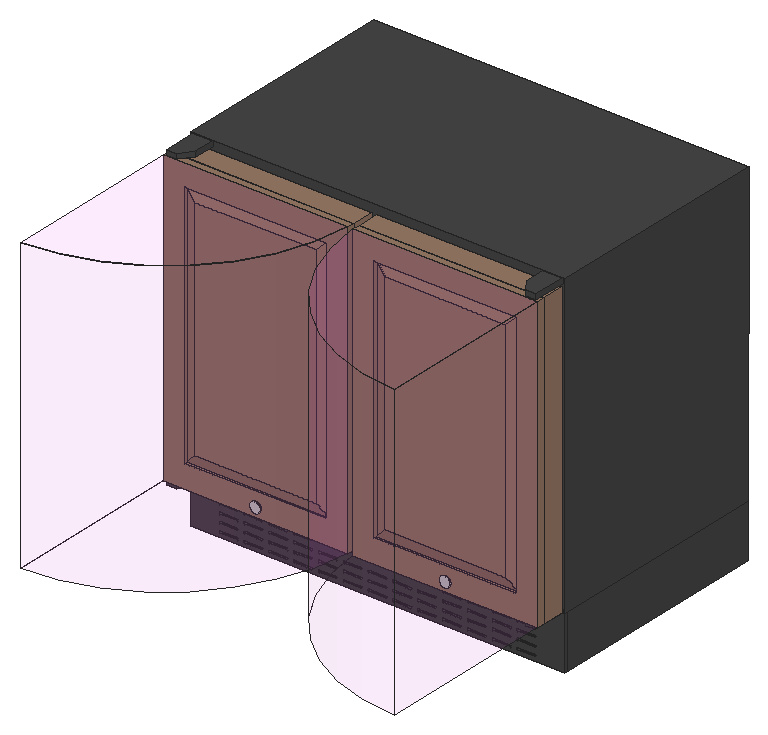
Revit family "QF_Summit_FFRF36IF_Refrigerator-Freezer", category Specialty Equipment, Revit 2020
Family settings
  Round Connector Dimension = Use Diameter
  Part Type = Normal
  Work Plane-Based = No
  Always vertical = Yes
  Cut with Voids When Loaded = No
  Shared = No
  Room Calculation Point = No
Parameters
  Weight in Pounds = 160
  Watts = Volts * FL Amps  # 149.5 W
  Volts = 115 V
  URL Cutsheet = ""
  Specification by User = ""
  Specification by Manufacturer = ""
  Show Door Clearance [instance] = yes
  Serial Number = ""
  Seismic Rating = ""
  SMACNA No = ""
  Revision Code = ""
  Refrigerant Volume = 0.00 kip
  Refrigerant Type = "R600a"
  Phase = 1
  Number of Poles = 1
  NAFEM Spec ID Number = ""
  Model = "FFRF36IF"
  Min Ckt Ampacity = 0 A
  Max Overcurrent Protection = 0 A
  Masterspec = ""
  Manufacturer = "Summit"
  Length = 35 1/2"
  Item Number = ""
  Installed By = ""
  Identify Quantity as Lot = yes
  Height = 34 1/4"
  HP = ""
  Furnished By = ""
  Foodservice Equipment Identifier = yes
  FL Amps = 1.3 A
  Electrical Remarks = ""
  Electric Connection Type = ""
  Elec Conn RI Height = 0"
  Elec Conn Connection Height = 0"
  Description = "Refrigerator Freezer"
  Depth = 24 1/4"
  Default Elevation = 0"
  Cycle = 60 Hz
  Conn Plug = ""
  Conn Conduit = yes
  CSI MasterFormat = ""
  BTUH = 0.0 Btu/h
  Apparent Power = if(Phase = 3, Volts * FL Amps * 1.73, Volts * FL Amps)  # 149.5 VA
Reference planes (in)
  plane 1 "BACK": y = 0
  plane 2: z = 0
  plane 3 "LEFT": x = 0
  plane 4 "RIGHT": x = 35.5
  plane 5 "FRONT": y = -24.25
  plane 6 "TOP": z = 34.25
  plane 7 "Center Y": x = 17.75
  plane 8 "Center X": y = -12.125
  plane 9: y = -25
  plane 10: y = -42
  plane 11: z = 0.75
  plane 12: y = -21.75
  plane 13: z = 33.75
  plane 14: z = 6
  plane 15: z = 5.75
  plane 16: x = 18
  plane 17: x = 17.5
Forms (in)
  Extrusion 1, solid, material "QF_Metallic_Paint_Black_Smooth"
    sketch origin (13.67442, -173.75, 3) x (-1, 0, 0) y (0, -1, 0)
      loop
        line (13.67442, -173.75) -> (13.67442, -152) -> (-21.82558, -152) -> (-21.82558, -173.75) -> (13.67442, -173.75)
    from 2.75 to 31.25
  Extrusion 2, solid, material "QF_Metallic_Paint_Black_Smooth"
    sketch origin (-6.83669, 0, 4.02816) x (1, 0, 0) y (0, 0, -1)
      loop
        circle (11.58669, -0.47184) r 0.25
    from 0 to 0.25
  Extrusion 3, solid, material "QF_Metal_Stainless_Polished"
    sketch origin (11.875, -25, 6.125) x (-1, 0, 0) y (0, 0, -1)
      loop
        circle (-14.875, -0.75) r 0.5
    from 0 to 0.0625
  Revolve 4, solid, material "QF_Metallic_Paint_Black_Smooth"
    sketch origin (0.28125, -2, 0) x (1, 0, 0) y (0, 0, 1)
      loop
        line (1.5, 0.75) -> (1.35345, 0.75) -> (1.35345, 0.42728) -> (1, 0.42728) -> (1, 0) -> (1.5, 0) -> (1.5, 0.75)
      axis (1.5, 0.75) -> (1.5, 0)
    angle from 0 to 360
  Revolve 5, solid, material "QF_Metallic_Paint_Black_Smooth"
    sketch origin (0.28125, -19.75, 0) x (1, 0, 0) y (0, 0, 1)
      loop
        line (1.5, 0.75) -> (1.35345, 0.75) -> (1.35345, 0.42728) -> (1, 0.42728) -> (1, 0) -> (1.5, 0) -> (1.5, 0.75)
      axis (1.5, 0.75) -> (1.5, 0)
    angle from 0 to 360
  Extrusion 6, solid, material "QF_Metallic_Paint_Black_Smooth"
    sketch origin (17.75, 0, 2.5) x (1, 0, 0) y (0, 0, 1)
      loop
        line (-17.75, 3.25) -> (-17.75, -1.75) -> (17.75, -1.75) -> (17.75, 3.25) -> (-17.75, 3.25)
    from 0 to 21.5
  Extrusion 7, solid, material "QF_Metallic_Paint_Black_Smooth"
    sketch origin (9.97169, -21.75, 50.5) x (-1, 0, 0) y (0, 0, 1)
      loop
        line (9.97169, -44.75) -> (-25.52831, -44.75) -> (-25.52831, -49.75) -> (9.97169, -49.75) -> (9.97169, -44.75)
      loop
        line (7.15699, -45.12068) -> (5.56271, -45.12068)
        arc (5.56271, -45.12068) -> (5.43771, -45.24568) -> (5.56271, -45.37068) r 0.125
        line (5.56271, -45.37068) -> (7.15699, -45.37068)
        arc (7.15699, -45.37068) -> (7.28199, -45.24568) -> (7.15699, -45.12068) r 0.125
      loop
        line (7.15699, -45.92488) -> (5.56271, -45.92488)
        arc (5.56271, -45.92488) -> (5.43771, -46.04988) -> (5.56271, -46.17488) r 0.125
        line (5.56271, -46.17488) -> (7.15699, -46.17488)
        arc (7.15699, -46.17488) -> (7.28199, -46.04988) -> (7.15699, -45.92488) r 0.125
      loop
        line (7.15699, -46.72908) -> (5.56271, -46.72908)
        arc (5.56271, -46.72908) -> (5.43771, -46.85408) -> (5.56271, -46.97908) r 0.125
        line (5.56271, -46.97908) -> (7.15699, -46.97908)
        arc (7.15699, -46.97908) -> (7.28199, -46.85408) -> (7.15699, -46.72908) r 0.125
      loop
        line (4.80063, -45.12068) -> (3.20635, -45.12068)
        arc (3.20635, -45.12068) -> (3.08135, -45.24568) -> (3.20635, -45.37068) r 0.125
        line (3.20635, -45.37068) -> (4.80063, -45.37068)
        arc (4.80063, -45.37068) -> (4.92563, -45.24568) -> (4.80063, -45.12068) r 0.125
      loop
        line (4.80063, -45.92488) -> (3.20635, -45.92488)
        arc (3.20635, -45.92488) -> (3.08135, -46.04988) -> (3.20635, -46.17488) r 0.125
        line (3.20635, -46.17488) -> (4.80063, -46.17488)
        arc (4.80063, -46.17488) -> (4.92563, -46.04988) -> (4.80063, -45.92488) r 0.125
      loop
        line (4.80063, -46.72908) -> (3.20635, -46.72908)
        arc (3.20635, -46.72908) -> (3.08135, -46.85408) -> (3.20635, -46.97908) r 0.125
        line (3.20635, -46.97908) -> (4.80063, -46.97908)
        arc (4.80063, -46.97908) -> (4.92563, -46.85408) -> (4.80063, -46.72908) r 0.125
      loop
        line (2.44427, -45.12068) -> (0.84999, -45.12068)
        arc (0.84999, -45.12068) -> (0.72499, -45.24568) -> (0.84999, -45.37068) r 0.125
        line (0.84999, -45.37068) -> (2.44427, -45.37068)
        arc (2.44427, -45.37068) -> (2.56927, -45.24568) -> (2.44427, -45.12068) r 0.125
      loop
        line (2.44427, -45.92488) -> (0.84999, -45.92488)
        arc (0.84999, -45.92488) -> (0.72499, -46.04988) -> (0.84999, -46.17488) r 0.125
        line (0.84999, -46.17488) -> (2.44427, -46.17488)
        arc (2.44427, -46.17488) -> (2.56927, -46.04988) -> (2.44427, -45.92488) r 0.125
      loop
        line (2.44427, -46.72908) -> (0.84999, -46.72908)
        arc (0.84999, -46.72908) -> (0.72499, -46.85408) -> (0.84999, -46.97908) r 0.125
        line (0.84999, -46.97908) -> (2.44427, -46.97908)
        arc (2.44427, -46.97908) -> (2.56927, -46.85408) -> (2.44427, -46.72908) r 0.125
      loop
        line (0.08791, -45.12068) -> (-1.50637, -45.12068)
        arc (-1.50637, -45.12068) -> (-1.63137, -45.24568) -> (-1.50637, -45.37068) r 0.125
        line (-1.50637, -45.37068) -> (0.08791, -45.37068)
        arc (0.08791, -45.37068) -> (0.21291, -45.24568) -> (0.08791, -45.12068) r 0.125
      loop
        line (0.08791, -45.92488) -> (-1.50637, -45.92488)
        arc (-1.50637, -45.92488) -> (-1.63137, -46.04988) -> (-1.50637, -46.17488) r 0.125
        line (-1.50637, -46.17488) -> (0.08791, -46.17488)
        arc (0.08791, -46.17488) -> (0.21291, -46.04988) -> (0.08791, -45.92488) r 0.125
      loop
        line (0.08791, -46.72908) -> (-1.50637, -46.72908)
        arc (-1.50637, -46.72908) -> (-1.63137, -46.85408) -> (-1.50637, -46.97908) r 0.125
        line (-1.50637, -46.97908) -> (0.08791, -46.97908)
        arc (0.08791, -46.97908) -> (0.21291, -46.85408) -> (0.08791, -46.72908) r 0.125
      loop
        line (7.15699, -47.53328) -> (5.56271, -47.53328)
        arc (5.56271, -47.53328) -> (5.43771, -47.65828) -> (5.56271, -47.78328) r 0.125
        line (5.56271, -47.78328) -> (7.15699, -47.78328)
        arc (7.15699, -47.78328) -> (7.28199, -47.65828) -> (7.15699, -47.53328) r 0.125
      loop
        line (7.15699, -48.33749) -> (5.56271, -48.33749)
        arc (5.56271, -48.33749) -> (5.43771, -48.46249) -> (5.56271, -48.58749) r 0.125
        line (5.56271, -48.58749) -> (7.15699, -48.58749)
        arc (7.15699, -48.58749) -> (7.28199, -48.46249) -> (7.15699, -48.33749) r 0.125
      loop
        line (4.80063, -47.53328) -> (3.20635, -47.53328)
        arc (3.20635, -47.53328) -> (3.08135, -47.65828) -> (3.20635, -47.78328) r 0.125
        line (3.20635, -47.78328) -> (4.80063, -47.78328)
        arc (4.80063, -47.78328) -> (4.92563, -47.65828) -> (4.80063, -47.53328) r 0.125
      loop
        line (4.80063, -48.33749) -> (3.20635, -48.33749)
        arc (3.20635, -48.33749) -> (3.08135, -48.46249) -> (3.20635, -48.58749) r 0.125
        line (3.20635, -48.58749) -> (4.80063, -48.58749)
        arc (4.80063, -48.58749) -> (4.92563, -48.46249) -> (4.80063, -48.33749) r 0.125
      loop
        line (2.44427, -47.53328) -> (0.84999, -47.53328)
        arc (0.84999, -47.53328) -> (0.72499, -47.65828) -> (0.84999, -47.78328) r 0.125
        line (0.84999, -47.78328) -> (2.44427, -47.78328)
        arc (2.44427, -47.78328) -> (2.56927, -47.65828) -> (2.44427, -47.53328) r 0.125
      loop
        line (2.44427, -48.33749) -> (0.84999, -48.33749)
        arc (0.84999, -48.33749) -> (0.72499, -48.46249) -> (0.84999, -48.58749) r 0.125
        line (0.84999, -48.58749) -> (2.44427, -48.58749)
        arc (2.44427, -48.58749) -> (2.56927, -48.46249) -> (2.44427, -48.33749) r 0.125
      loop
        line (0.08791, -47.53328) -> (-1.50637, -47.53328)
        arc (-1.50637, -47.53328) -> (-1.63137, -47.65828) -> (-1.50637, -47.78328) r 0.125
        line (-1.50637, -47.78328) -> (0.08791, -47.78328)
        arc (0.08791, -47.78328) -> (0.21291, -47.65828) -> (0.08791, -47.53328) r 0.125
      loop
        line (0.08791, -48.33749) -> (-1.50637, -48.33749)
        arc (-1.50637, -48.33749) -> (-1.63137, -48.46249) -> (-1.50637, -48.58749) r 0.125
        line (-1.50637, -48.58749) -> (0.08791, -48.58749)
        arc (0.08791, -48.58749) -> (0.21291, -48.46249) -> (0.08791, -48.33749) r 0.125
      loop
        line (7.15699, -49.14169) -> (5.56271, -49.14169)
        arc (5.56271, -49.14169) -> (5.43771, -49.26669) -> (5.56271, -49.39169) r 0.125
        line (5.56271, -49.39169) -> (7.15699, -49.39169)
        arc (7.15699, -49.39169) -> (7.28199, -49.26669) -> (7.15699, -49.14169) r 0.125
      loop
        line (4.80063, -49.14169) -> (3.20635, -49.14169)
        arc (3.20635, -49.14169) -> (3.08135, -49.26669) -> (3.20635, -49.39169) r 0.125
        line (3.20635, -49.39169) -> (4.80063, -49.39169)
        arc (4.80063, -49.39169) -> (4.92563, -49.26669) -> (4.80063, -49.14169) r 0.125
      loop
        line (2.44427, -49.14169) -> (0.84999, -49.14169)
        arc (0.84999, -49.14169) -> (0.72499, -49.26669) -> (0.84999, -49.39169) r 0.125
        line (0.84999, -49.39169) -> (2.44427, -49.39169)
        arc (2.44427, -49.39169) -> (2.56927, -49.26669) -> (2.44427, -49.14169) r 0.125
      loop
        line (0.08791, -49.14169) -> (-1.50637, -49.14169)
        arc (-1.50637, -49.14169) -> (-1.63137, -49.26669) -> (-1.50637, -49.39169) r 0.125
        line (-1.50637, -49.39169) -> (0.08791, -49.39169)
        arc (0.08791, -49.39169) -> (0.21291, -49.26669) -> (0.08791, -49.14169) r 0.125
      loop
        line (-2.26845, -47.53328) -> (-3.86273, -47.53328)
        arc (-3.86273, -47.53328) -> (-3.98773, -47.65828) -> (-3.86273, -47.78328) r 0.125
        line (-3.86273, -47.78328) -> (-2.26845, -47.78328)
        arc (-2.26845, -47.78328) -> (-2.14345, -47.65828) -> (-2.26845, -47.53328) r 0.125
      loop
        line (-2.26845, -48.33749) -> (-3.86273, -48.33749)
        arc (-3.86273, -48.33749) -> (-3.98773, -48.46249) -> (-3.86273, -48.58749) r 0.125
        line (-3.86273, -48.58749) -> (-2.26845, -48.58749)
        arc (-2.26845, -48.58749) -> (-2.14345, -48.46249) -> (-2.26845, -48.33749) r 0.125
      loop
        line (-4.62481, -47.53328) -> (-6.21909, -47.53328)
        arc (-6.21909, -47.53328) -> (-6.34409, -47.65828) -> (-6.21909, -47.78328) r 0.125
        line (-6.21909, -47.78328) -> (-4.62481, -47.78328)
        arc (-4.62481, -47.78328) -> (-4.49981, -47.65828) -> (-4.62481, -47.53328) r 0.125
      loop
        line (-4.62481, -48.33749) -> (-6.21909, -48.33749)
        arc (-6.21909, -48.33749) -> (-6.34409, -48.46249) -> (-6.21909, -48.58749) r 0.125
        line (-6.21909, -48.58749) -> (-4.62481, -48.58749)
        arc (-4.62481, -48.58749) -> (-4.49981, -48.46249) -> (-4.62481, -48.33749) r 0.125
      loop
        line (-6.98117, -47.53328) -> (-8.57545, -47.53328)
        arc (-8.57545, -47.53328) -> (-8.70045, -47.65828) -> (-8.57545, -47.78328) r 0.125
        line (-8.57545, -47.78328) -> (-6.98117, -47.78328)
        arc (-6.98117, -47.78328) -> (-6.85617, -47.65828) -> (-6.98117, -47.53328) r 0.125
      loop
        line (-6.98117, -48.33749) -> (-8.57545, -48.33749)
        arc (-8.57545, -48.33749) -> (-8.70045, -48.46249) -> (-8.57545, -48.58749) r 0.125
        line (-8.57545, -48.58749) -> (-6.98117, -48.58749)
        arc (-6.98117, -48.58749) -> (-6.85617, -48.46249) -> (-6.98117, -48.33749) r 0.125
      loop
        line (-2.26845, -49.14169) -> (-3.86273, -49.14169)
        arc (-3.86273, -49.14169) -> (-3.98773, -49.26669) -> (-3.86273, -49.39169) r 0.125
        line (-3.86273, -49.39169) -> (-2.26845, -49.39169)
        arc (-2.26845, -49.39169) -> (-2.14345, -49.26669) -> (-2.26845, -49.14169) r 0.125
      loop
        line (-4.62481, -49.14169) -> (-6.21909, -49.14169)
        arc (-6.21909, -49.14169) -> (-6.34409, -49.26669) -> (-6.21909, -49.39169) r 0.125
        line (-6.21909, -49.39169) -> (-4.62481, -49.39169)
        arc (-4.62481, -49.39169) -> (-4.49981, -49.26669) -> (-4.62481, -49.14169) r 0.125
      loop
        line (-6.98117, -49.14169) -> (-8.57545, -49.14169)
        arc (-8.57545, -49.14169) -> (-8.70045, -49.26669) -> (-8.57545, -49.39169) r 0.125
        line (-8.57545, -49.39169) -> (-6.98117, -49.39169)
        arc (-6.98117, -49.39169) -> (-6.85617, -49.26669) -> (-6.98117, -49.14169) r 0.125
      loop
        arc (-22.71361, -45.12068) -> (-22.83861, -45.24568) -> (-22.71361, -45.37068) r 0.125
        line (-22.71361, -45.37068) -> (-21.11933, -45.37068)
        arc (-21.11933, -45.37068) -> (-20.99433, -45.24568) -> (-21.11933, -45.12068) r 0.125
        line (-21.11933, -45.12068) -> (-22.71361, -45.12068)
      loop
        arc (-22.71361, -45.92488) -> (-22.83861, -46.04988) -> (-22.71361, -46.17488) r 0.125
        line (-22.71361, -46.17488) -> (-21.11933, -46.17488)
        arc (-21.11933, -46.17488) -> (-20.99433, -46.04988) -> (-21.11933, -45.92488) r 0.125
        line (-21.11933, -45.92488) -> (-22.71361, -45.92488)
      loop
        arc (-22.71361, -46.72908) -> (-22.83861, -46.85408) -> (-22.71361, -46.97908) r 0.125
        line (-22.71361, -46.97908) -> (-21.11933, -46.97908)
        arc (-21.11933, -46.97908) -> (-20.99433, -46.85408) -> (-21.11933, -46.72908) r 0.125
        line (-21.11933, -46.72908) -> (-22.71361, -46.72908)
      loop
        arc (-20.35725, -45.12068) -> (-20.48225, -45.24568) -> (-20.35725, -45.37068) r 0.125
        line (-20.35725, -45.37068) -> (-18.76297, -45.37068)
        arc (-18.76297, -45.37068) -> (-18.63797, -45.24568) -> (-18.76297, -45.12068) r 0.125
        line (-18.76297, -45.12068) -> (-20.35725, -45.12068)
      loop
        arc (-20.35725, -45.92488) -> (-20.48225, -46.04988) -> (-20.35725, -46.17488) r 0.125
        line (-20.35725, -46.17488) -> (-18.76297, -46.17488)
        arc (-18.76297, -46.17488) -> (-18.63797, -46.04988) -> (-18.76297, -45.92488) r 0.125
        line (-18.76297, -45.92488) -> (-20.35725, -45.92488)
      loop
        arc (-20.35725, -46.72908) -> (-20.48225, -46.85408) -> (-20.35725, -46.97908) r 0.125
        line (-20.35725, -46.97908) -> (-18.76297, -46.97908)
        arc (-18.76297, -46.97908) -> (-18.63797, -46.85408) -> (-18.76297, -46.72908) r 0.125
        line (-18.76297, -46.72908) -> (-20.35725, -46.72908)
      loop
        arc (-18.00089, -45.12068) -> (-18.12589, -45.24568) -> (-18.00089, -45.37068) r 0.125
        line (-18.00089, -45.37068) -> (-16.40661, -45.37068)
        arc (-16.40661, -45.37068) -> (-16.28161, -45.24568) -> (-16.40661, -45.12068) r 0.125
        line (-16.40661, -45.12068) -> (-18.00089, -45.12068)
      loop
        arc (-18.00089, -45.92488) -> (-18.12589, -46.04988) -> (-18.00089, -46.17488) r 0.125
        line (-18.00089, -46.17488) -> (-16.40661, -46.17488)
        arc (-16.40661, -46.17488) -> (-16.28161, -46.04988) -> (-16.40661, -45.92488) r 0.125
        line (-16.40661, -45.92488) -> (-18.00089, -45.92488)
      loop
        arc (-18.00089, -46.72908) -> (-18.12589, -46.85408) -> (-18.00089, -46.97908) r 0.125
        line (-18.00089, -46.97908) -> (-16.40661, -46.97908)
        arc (-16.40661, -46.97908) -> (-16.28161, -46.85408) -> (-16.40661, -46.72908) r 0.125
        line (-16.40661, -46.72908) -> (-18.00089, -46.72908)
      loop
        arc (-15.64453, -45.12068) -> (-15.76953, -45.24568) -> (-15.64453, -45.37068) r 0.125
        line (-15.64453, -45.37068) -> (-14.05025, -45.37068)
        arc (-14.05025, -45.37068) -> (-13.92525, -45.24568) -> (-14.05025, -45.12068) r 0.125
        line (-14.05025, -45.12068) -> (-15.64453, -45.12068)
      loop
        arc (-15.64453, -45.92488) -> (-15.76953, -46.04988) -> (-15.64453, -46.17488) r 0.125
        line (-15.64453, -46.17488) -> (-14.05025, -46.17488)
        arc (-14.05025, -46.17488) -> (-13.92525, -46.04988) -> (-14.05025, -45.92488) r 0.125
        line (-14.05025, -45.92488) -> (-15.64453, -45.92488)
      loop
        arc (-15.64453, -46.72908) -> (-15.76953, -46.85408) -> (-15.64453, -46.97908) r 0.125
        line (-15.64453, -46.97908) -> (-14.05025, -46.97908)
        arc (-14.05025, -46.97908) -> (-13.92525, -46.85408) -> (-14.05025, -46.72908) r 0.125
        line (-14.05025, -46.72908) -> (-15.64453, -46.72908)
      loop
        arc (-22.71361, -47.53328) -> (-22.83861, -47.65828) -> (-22.71361, -47.78328) r 0.125
        line (-22.71361, -47.78328) -> (-21.11933, -47.78328)
        arc (-21.11933, -47.78328) -> (-20.99433, -47.65828) -> (-21.11933, -47.53328) r 0.125
        line (-21.11933, -47.53328) -> (-22.71361, -47.53328)
      loop
        arc (-22.71361, -48.33749) -> (-22.83861, -48.46249) -> (-22.71361, -48.58749) r 0.125
        line (-22.71361, -48.58749) -> (-21.11933, -48.58749)
        arc (-21.11933, -48.58749) -> (-20.99433, -48.46249) -> (-21.11933, -48.33749) r 0.125
        line (-21.11933, -48.33749) -> (-22.71361, -48.33749)
      loop
        arc (-20.35725, -47.53328) -> (-20.48225, -47.65828) -> (-20.35725, -47.78328) r 0.125
        line (-20.35725, -47.78328) -> (-18.76297, -47.78328)
        arc (-18.76297, -47.78328) -> (-18.63797, -47.65828) -> (-18.76297, -47.53328) r 0.125
        line (-18.76297, -47.53328) -> (-20.35725, -47.53328)
      loop
        arc (-20.35725, -48.33749) -> (-20.48225, -48.46249) -> (-20.35725, -48.58749) r 0.125
        line (-20.35725, -48.58749) -> (-18.76297, -48.58749)
        arc (-18.76297, -48.58749) -> (-18.63797, -48.46249) -> (-18.76297, -48.33749) r 0.125
        line (-18.76297, -48.33749) -> (-20.35725, -48.33749)
      loop
        arc (-18.00089, -47.53328) -> (-18.12589, -47.65828) -> (-18.00089, -47.78328) r 0.125
        line (-18.00089, -47.78328) -> (-16.40661, -47.78328)
        arc (-16.40661, -47.78328) -> (-16.28161, -47.65828) -> (-16.40661, -47.53328) r 0.125
        line (-16.40661, -47.53328) -> (-18.00089, -47.53328)
      loop
        arc (-18.00089, -48.33749) -> (-18.12589, -48.46249) -> (-18.00089, -48.58749) r 0.125
        line (-18.00089, -48.58749) -> (-16.40661, -48.58749)
        arc (-16.40661, -48.58749) -> (-16.28161, -48.46249) -> (-16.40661, -48.33749) r 0.125
        line (-16.40661, -48.33749) -> (-18.00089, -48.33749)
      loop
        arc (-15.64453, -47.53328) -> (-15.76953, -47.65828) -> (-15.64453, -47.78328) r 0.125
        line (-15.64453, -47.78328) -> (-14.05025, -47.78328)
        arc (-14.05025, -47.78328) -> (-13.92525, -47.65828) -> (-14.05025, -47.53328) r 0.125
        line (-14.05025, -47.53328) -> (-15.64453, -47.53328)
      loop
        arc (-15.64453, -48.33749) -> (-15.76953, -48.46249) -> (-15.64453, -48.58749) r 0.125
        line (-15.64453, -48.58749) -> (-14.05025, -48.58749)
        arc (-14.05025, -48.58749) -> (-13.92525, -48.46249) -> (-14.05025, -48.33749) r 0.125
        line (-14.05025, -48.33749) -> (-15.64453, -48.33749)
      loop
        arc (-22.71361, -49.14169) -> (-22.83861, -49.26669) -> (-22.71361, -49.39169) r 0.125
        line (-22.71361, -49.39169) -> (-21.11933, -49.39169)
        arc (-21.11933, -49.39169) -> (-20.99433, -49.26669) -> (-21.11933, -49.14169) r 0.125
        line (-21.11933, -49.14169) -> (-22.71361, -49.14169)
      loop
        arc (-20.35725, -49.14169) -> (-20.48225, -49.26669) -> (-20.35725, -49.39169) r 0.125
        line (-20.35725, -49.39169) -> (-18.76297, -49.39169)
        arc (-18.76297, -49.39169) -> (-18.63797, -49.26669) -> (-18.76297, -49.14169) r 0.125
        line (-18.76297, -49.14169) -> (-20.35725, -49.14169)
      loop
        arc (-18.00089, -49.14169) -> (-18.12589, -49.26669) -> (-18.00089, -49.39169) r 0.125
        line (-18.00089, -49.39169) -> (-16.40661, -49.39169)
        arc (-16.40661, -49.39169) -> (-16.28161, -49.26669) -> (-16.40661, -49.14169) r 0.125
        line (-16.40661, -49.14169) -> (-18.00089, -49.14169)
      loop
        arc (-15.64453, -49.14169) -> (-15.76953, -49.26669) -> (-15.64453, -49.39169) r 0.125
        line (-15.64453, -49.39169) -> (-14.05025, -49.39169)
        arc (-14.05025, -49.39169) -> (-13.92525, -49.26669) -> (-14.05025, -49.14169) r 0.125
        line (-14.05025, -49.14169) -> (-15.64453, -49.14169)
      loop
        arc (-13.28817, -47.53328) -> (-13.41317, -47.65828) -> (-13.28817, -47.78328) r 0.125
        line (-13.28817, -47.78328) -> (-11.69389, -47.78328)
        arc (-11.69389, -47.78328) -> (-11.56889, -47.65828) -> (-11.69389, -47.53328) r 0.125
        line (-11.69389, -47.53328) -> (-13.28817, -47.53328)
      loop
        arc (-13.28817, -48.33749) -> (-13.41317, -48.46249) -> (-13.28817, -48.58749) r 0.125
        line (-13.28817, -48.58749) -> (-11.69389, -48.58749)
        arc (-11.69389, -48.58749) -> (-11.56889, -48.46249) -> (-11.69389, -48.33749) r 0.125
        line (-11.69389, -48.33749) -> (-13.28817, -48.33749)
      loop
        arc (-10.93181, -47.53328) -> (-11.05681, -47.65828) -> (-10.93181, -47.78328) r 0.125
        line (-10.93181, -47.78328) -> (-9.33753, -47.78328)
        arc (-9.33753, -47.78328) -> (-9.21253, -47.65828) -> (-9.33753, -47.53328) r 0.125
        line (-9.33753, -47.53328) -> (-10.93181, -47.53328)
      loop
        arc (-10.93181, -48.33749) -> (-11.05681, -48.46249) -> (-10.93181, -48.58749) r 0.125
        line (-10.93181, -48.58749) -> (-9.33753, -48.58749)
        arc (-9.33753, -48.58749) -> (-9.21253, -48.46249) -> (-9.33753, -48.33749) r 0.125
        line (-9.33753, -48.33749) -> (-10.93181, -48.33749)
      loop
        arc (-13.28817, -49.14169) -> (-13.41317, -49.26669) -> (-13.28817, -49.39169) r 0.125
        line (-13.28817, -49.39169) -> (-11.69389, -49.39169)
        arc (-11.69389, -49.39169) -> (-11.56889, -49.26669) -> (-11.69389, -49.14169) r 0.125
        line (-11.69389, -49.14169) -> (-13.28817, -49.14169)
      loop
        arc (-10.93181, -49.14169) -> (-11.05681, -49.26669) -> (-10.93181, -49.39169) r 0.125
        line (-10.93181, -49.39169) -> (-9.33753, -49.39169)
        arc (-9.33753, -49.39169) -> (-9.21253, -49.26669) -> (-9.33753, -49.14169) r 0.125
        line (-9.33753, -49.14169) -> (-10.93181, -49.14169)
    from 0 to 0.25
  Extrusion 8, solid, material "QF_Metallic_Paint_Black_Smooth"
    sketch origin (9.97169, -21.75, 50.5) x (1, 0, 0) y (0, 0, 1)
      loop
        line (2.55024, -44.97379) -> (2.55024, -46.56754) -> (13.00638, -46.56754) -> (13.00638, -44.97379) -> (2.55024, -44.97379)
    from 0 to 0.0625
  Extrusion 9, solid, material "Glass"
    sketch origin (9.97169, -21.8125, 50.5) x (1, 0, 0) y (0, 0, 1)
      loop
        line (5.89004, -45.42098) -> (5.89004, -46.01916) -> (7.52831, -46.01916) -> (7.52831, -45.42098) -> (5.89004, -45.42098)
      loop
        line (9.66658, -45.42098) -> (8.02831, -45.42098) -> (8.02831, -46.01916) -> (9.66658, -46.01916) -> (9.66658, -45.42098)
    from 0 to 0.03125
  Revolve 10, solid, material "QF_Metallic_Paint_Black_Smooth"
    sketch origin (35.21875, -2, 0) x (-1, 0, 0) y (0, 0, -1)
      loop
        line (1.5, -0.75) -> (1.5, 0) -> (1, 0) -> (1, -0.42728) -> (1.35345, -0.42728) -> (1.35345, -0.75) -> (1.5, -0.75)
      axis (1.5, -0.75) -> (1.5, 0)
    angle from 0 to 360
  Revolve 11, solid, material "QF_Metallic_Paint_Black_Smooth"
    sketch origin (35.21875, -19.75, 0) x (-1, 0, 0) y (0, 0, -1)
      loop
        line (1.5, -0.75) -> (1.5, 0) -> (1, 0) -> (1, -0.42728) -> (1.35345, -0.42728) -> (1.35345, -0.75) -> (1.5, -0.75)
      axis (1.5, -0.75) -> (1.5, 0)
    angle from 0 to 360
  Extrusion 12, solid, material "QF_Wood_Mahogany"
    sketch origin (23.52638, -181.125, 6.25) x (1, 0, 0) y (0, 1, 0)
      loop
        line (-6.02638, 156.875) -> (-6.02638, 158.95152) -> (-23.52638, 158.95152) -> (-23.52638, 156.875) -> (-6.02638, 156.875)
    from -0.25 to 27.5
  Extrusion 13, solid, material "QF_Metallic_Paint_Black_Smooth"
    sketch origin (-5.75, -22.17348, 6.25) x (1, 0, 0) y (0, 0, -1)
      loop
        line (6.25, -0.25) -> (6.25, -27) -> (22.75, -27) -> (22.75, -0.25) -> (6.25, -0.25)
    from 0 to 0.42348
  Extrusion 14, solid, material "QF_Metal_Stainless_Polished"
    sketch origin (-11.60425, -25, 50.53355) x (-1, 0, 0) y (0, 0, 1)
      loop
        circle (-20.35425, -43.65855) r 0.5
    from 0 to -0.0625
  Extrusion 15, solid, material "QF_Metallic_Paint_Black_Smooth"
    sketch origin (23.52638, -181.125, 34.125) x (1, 0, 0) y (0, 1, 0)
      loop
        line (-23.27638, 159.375) -> (-23.27638, 156.23331) -> (-22.35352, 156.23331) -> (-21.46153, 157.375) -> (-21.46153, 159.375) -> (-23.27638, 159.375)
    from -0.375 to 0.125
  Extrusion 16, solid, material "QF_Metallic_Paint_Black_Smooth"
    sketch origin (23.52638, -181.125, 5.59145) x (0, -1, 0) y (-1, 0, 0)
      loop
        line (-157.375, 21.46153) -> (-156.23331, 22.35352) -> (-156.23331, 23.27638) -> (-159.375, 23.27638) -> (-159.375, 21.46153) -> (-157.375, 21.46153)
    from -0.40855 to -0.15855
  Extrusion 17, solid, material "QF_Wood_Mahogany"
    sketch origin (23.625, -24, 6.125) x (-1, 0, 0) y (0, 0, 1)
      loop
        line (23.625, 27.625) -> (6.125, 27.625) -> (6.125, -0.125) -> (23.625, -0.125) -> (23.625, 27.625)
      loop
        line (21.625, 2.09145) -> (21.625, 25.625) -> (8.125, 25.625) -> (8.125, 2.09145) -> (21.625, 2.09145)
    from -0.25 to -1
  Blend 18, solid, material "QF_Wood_Mahogany"
    base sketch origin (23.625, -24.75, 6.125) x (1, 0, 0) y (0, 0, 1)
      loop
        line (-21.625, 25.625) -> (-21.625, 2.09145) -> (-8.125, 2.09145) -> (-8.125, 25.625) -> (-21.625, 25.625)
    top sketch origin (23.625, -24.75, 6.125) x (-1, 0, 0) y (0, 0, 1)
      loop
        line (20.625, 3.09145) -> (20.625, 24.625) -> (9.125, 24.625) -> (9.125, 3.09145) -> (20.625, 3.09145)
    from 0 to 0.25
  Extrusion 19, solid, material "QF_Clearances_Door_Drawer", visible <- "Show Door Clearance"
    sketch origin (21.82558, -186.75, 3.5) x (1, 0, 0) y (0, 1, 0)
      loop
        line (-21.82558, 161.75) -> (-21.82558, 144.75)
        arc (-21.82558, 144.75) -> (-9.77826, 149.85569) -> (-4.32558, 161.75) r 18.0895
        line (-4.32558, 161.75) -> (-21.82558, 161.75)
    from 2.5 to 30.25
  Extrusion 20, solid, material "QF_Clearances_Door_Drawer", visible <- "Show Door Clearance"
    sketch origin (13.67442, -186.75, 3.5) x (-1, 0, 0) y (0, -1, 0)
      loop
        line (-21.82558, -161.75) -> (-4.32558, -161.75)
        arc (-4.32558, -161.75) -> (-9.77826, -149.85569) -> (-21.82558, -144.75) r 18.0895
        line (-21.82558, -144.75) -> (-21.82558, -161.75)
    from 2.5 to 30.25
  Extrusion 21, solid, material "QF_Wood_Mahogany"
    sketch origin (11.97362, -181.125, 6.25) x (-1, 0, 0) y (0, -1, 0)
      loop
        line (-6.02638, -156.875) -> (-23.52638, -156.875) -> (-23.52638, -158.95152) -> (-6.02638, -158.95152) -> (-6.02638, -156.875)
    from -0.25 to 27.5
  Extrusion 22, solid, material "QF_Metallic_Paint_Black_Smooth"
    sketch origin (41.25, -22.17348, 6.25) x (-1, 0, 0) y (0, 0, 1)
      loop
        line (6.25, 0.25) -> (22.75, 0.25) -> (22.75, 27) -> (6.25, 27) -> (6.25, 0.25)
    from 0 to 0.42348
  Extrusion 23, solid, material "QF_Wood_Mahogany"
    sketch origin (11.875, -24, 6.125) x (1, 0, 0) y (0, 0, -1)
      loop
        line (23.625, -27.625) -> (23.625, 0.125) -> (6.125, 0.125) -> (6.125, -27.625) -> (23.625, -27.625)
      loop
        line (21.625, -2.09145) -> (8.125, -2.09145) -> (8.125, -25.625) -> (21.625, -25.625) -> (21.625, -2.09145)
    from -0.25 to -1
  Blend 24, solid, material "QF_Wood_Mahogany"
    base sketch origin (11.875, -24.75, 6.125) x (-1, 0, 0) y (0, 0, -1)
      loop
        line (-21.625, -25.625) -> (-8.125, -25.625) -> (-8.125, -2.09145) -> (-21.625, -2.09145) -> (-21.625, -25.625)
    top sketch origin (11.875, -24.75, 6.125) x (1, 0, 0) y (0, 0, -1)
      loop
        line (20.625, -3.09145) -> (9.125, -3.09145) -> (9.125, -24.625) -> (20.625, -24.625) -> (20.625, -3.09145)
    from 0 to 0.25
  Extrusion 25, solid, material "QF_Metallic_Paint_Black_Smooth"
    sketch origin (11.97362, -181.125, 34.125) x (-1, 0, 0) y (0, -1, 0)
      loop
        line (-23.27638, -159.375) -> (-21.46153, -159.375) -> (-21.46153, -157.375) -> (-22.35352, -156.23331) -> (-23.27638, -156.23331) -> (-23.27638, -159.375)
    from -0.375 to 0.125
  Extrusion 26, solid, material "QF_Metallic_Paint_Black_Smooth"
    sketch origin (11.97362, -181.125, 5.59145) x (0, 1, 0) y (1, 0, 0)
      loop
        line (157.375, 21.46153) -> (159.375, 21.46153) -> (159.375, 23.27638) -> (156.23331, 23.27638) -> (156.23331, 22.35352) -> (157.375, 21.46153)
    from -0.40855 to -0.15855
Lines and regions (in)
  symbolic lines
    curve 1: line (0, 0, 0) -> (35.5, 0, 0)
    curve 2: line (35.5, 0, 0) -> (35.5, -21.75, 0)
    curve 3: line (35.5, -21.75, 0) -> (0, -21.75, 0)
    curve 4: line (0, -21.75, 0) -> (0, 0, 0)
    curve 5: line (0.25, -21.75, 0) -> (0.25, -24.89169, 0)
    curve 6: line (0.25, -24.89169, 0) -> (1.17286, -24.89169, 0)
    curve 7: line (1.17286, -24.89169, 0) -> (2.06485, -23.75, 0)
    curve 8: line (2.06485, -23.75, 0) -> (2.06485, -21.75, 0)
    curve 9: line (35.25, -21.75, 0) -> (35.25, -24.89169, 0)
    curve 10: line (35.25, -24.89169, 0) -> (34.32714, -24.89169, 0)
    curve 11: line (34.32714, -24.89169, 0) -> (33.43515, -23.75, 0)
    curve 12: line (33.43515, -23.75, 0) -> (33.43515, -21.75, 0)
    curve 13: line (35.5, -22.17348, 0) -> (35.5, -25, 0)
    curve 14: line (35.5, -25, 0) -> (18, -25, 0)
    curve 15: line (18, -25, 0) -> (18, -22.17348, 0)
    curve 16: line (18, -22.17348, 0) -> (33.43515, -22.17348, 0)
    curve 17: line (35.5, -24.25, 0) -> (35.25, -24.25, 0)
    curve 18: line (18.5, -22.17348, 0) -> (18.5, -21.75, 0)
    curve 19: line (35.25, -22.17348, 0) -> (35.5, -22.17348, 0)
    curve 20: line (33.82579, -24.25, 0) -> (18, -24.25, 0)
    curve 21: line (0, -22.17348, 0) -> (0, -25, 0)
    curve 22: line (0, -25, 0) -> (17.5, -25, 0)
    curve 23: line (17.5, -22.17348, 0) -> (2.06485, -22.17348, 0)
    curve 24: line (0, -24.25, 0) -> (0.25, -24.25, 0)
    curve 25: line (0.25, -22.17348, 0) -> (0, -22.17348, 0)
    curve 26: line (1.67421, -24.25, 0) -> (17.5, -24.25, 0)
    curve 27: line (17.5, -25, 0) -> (17.5, -22.17348, 0)
    curve 32: line (17, -22.17348, 0) -> (17, -21.75, 0)
  symbolic lines, style "QF_Clearances_Door_Drawer", visible <- "Show Door Clearance"
    curve 28: line (0, -25, 0) -> (14.76968, -33.52728, 0)
    curve 29: line (35.5, -25, 0) -> (20.73032, -33.52728, 0)
    curve 30: arc (14.76968, -33.52728, 0) -> (16.67077, -29.43524, 0) -> (17.5, -25, 0) r 18.0895
    curve 31: arc (18, -25, 0) -> (18.82923, -29.43524, 0) -> (20.73032, -33.52728, 0) r 18.0895
Dimensions and locks (in)
  equal spacing: plane 3 "LEFT", plane 7 "Center Y", plane 4 "RIGHT"
  "Length": plane 3 "LEFT" to plane 4 "RIGHT"
  equal spacing: plane 5 "FRONT", plane 8 "Center X", plane 1 "BACK"
  "Depth": plane 5 "FRONT" to plane 1 "BACK"
  "Height": plane 6 "TOP" to level
  plane 4 "RIGHT" to plane 3 "LEFT" = 35 1/2"
  locked: plane 9 to plane 5 "FRONT" at 0.75
  plane 11 to plane 2 = 3/4"
  plane 10 to plane 1 "BACK" = 42"
  plane 12 to plane 1 "BACK" = 21 3/4"
  plane 13 to plane 14 = 27 3/4"
  locked: plane 6 "TOP" to plane 13 at 0.5
  plane 15 to plane 11 = 5"
  plane 14 to plane 15 = 1/4"
  aligned and locked: level to plane 2
Automatic sketch dimensions
  curve 22 to plane 3 "LEFT" = 0"
  plane 1 "BACK" to curve 1 = 0"
  curve 1 to plane 3 "LEFT" = 0"
  plane 5 "FRONT" to curve 24 = 0"
  curve 5 to plane 12 = 0"
  plane 5 "FRONT" to curve 26 = 0"
  curve 30 to plane 9 = 0"
  curve 30 to plane 17 = 0"
  curve 31 to plane 9 = 0"
  curve 31 to plane 16 = 0"
  plane 5 "FRONT" to curve 20 = 0"
  plane 5 "FRONT" to curve 17 = 0"
  curve 3 to plane 4 "RIGHT" = 0"
  curve 13 to plane 4 "RIGHT" = 0"
  curve 30 to plane 3 "LEFT" = 0.55718"
  plane 9 to curve 5 = 0.10831"
  plane 3 "LEFT" to curve 5 = 1/4"
  curve 5 to curve 7 = 0.92286"
  curve 8 to plane 5 "FRONT" = 1/2"
  curve 6 to curve 8 = 0.89199"
  plane 17 to curve 28 = 2.73032"
  plane 16 to curve 29 = 2.73032"
  curve 12 to plane 5 "FRONT" = 1/2"
  plane 4 "RIGHT" to curve 12 = 2.06485"
  plane 9 to curve 10 = 0.10831"
  plane 4 "RIGHT" to curve 10 = 1.17286"
  plane 4 "RIGHT" to curve 9 = 1/4"
  curve 31 to plane 4 "RIGHT" = 0.55718"
  curve 28 to curve 22 = 8.52728"
  curve 28 to curve 29 = 0"
  curve 19 to plane 12 = 0.42348"
  curve 16 to plane 12 = 0.42348"
  curve 21 to plane 12 = 0.42348"
  curve 27 to plane 12 = 0.42348"
  plane 17 to curve 32 = 1/2"
  plane 16 to curve 18 = 1/2"
  plane 1 "BACK" to Extrusion 1 sketch curve = 0"
  Extrusion 1 sketch curve to plane 4 "RIGHT" = 0"
  Extrusion 1 sketch curve to plane 3 "LEFT" = 0"
  Extrusion 1 sketch curve to plane 12 = 0"
  Extrusion 2 sketch curve to Extrusion 1 = 1 1/4"
  Extrusion 2 sketch curve to Extrusion 1 = 4 3/4"
  Revolve 4 sketch curve to level = 0"  (x2)
  Revolve 4 sketch curve to plane 11 = 0"
  Revolve 4 sketch curve to plane 11 = 0.32272"
  plane 3 "LEFT" to Revolve 4 sketch curve = 1 9/32"
  Revolve 4 sketch curve to Revolve 4 sketch curve = 0.35345"
  Revolve 4 sketch curve to Revolve 4 sketch curve = 0.14655"
  Revolve 4 sketch curve to Revolve 4 sketch curve = 0"
  Revolve 4 sketch curve to Revolve 4 sketch curve = 0.31634"
  Revolve 5 sketch curve to level = 0"  (x2)
  Revolve 5 sketch curve to plane 11 = 0"
  Revolve 5 sketch curve to plane 11 = 0.32272"
  plane 3 "LEFT" to Revolve 5 sketch curve = 1 9/32"
  Revolve 5 sketch curve to Revolve 5 sketch curve = 0.35345"
  Revolve 5 sketch curve to Revolve 5 sketch curve = 0.14655"
  Revolve 5 sketch curve to Revolve 5 sketch curve = 0"
  Revolve 5 sketch curve to Revolve 5 sketch curve = 0.31634"
  Extrusion 6 sketch curve to plane 3 "LEFT" = 0"
  plane 4 "RIGHT" to Extrusion 6 sketch curve = 0"
  plane 11 to Extrusion 6 sketch curve = 0"
  plane 11 to Extrusion 6 sketch curve = 5"
  Extrusion 8 sketch curve to Extrusion 7 = 0.16155"
  Extrusion 8 sketch curve to Extrusion 7 = 12.52193"
  Extrusion 8 sketch curve to Extrusion 8 sketch curve = 10.45614"
  Extrusion 8 sketch curve to Extrusion 7 = 0.14689"
  Extrusion 9 sketch curve to Extrusion 8 = 0.54838"  (x2)
  Extrusion 9 sketch curve to Extrusion 8 = 3.3398"
  Extrusion 9 sketch curve to Extrusion 9 sketch curve = 1.63827"  (x2)
  Extrusion 9 sketch curve to Extrusion 9 sketch curve = 1/2"
  Extrusion 9 sketch curve to Extrusion 8 = 0.44719"  (x2)
  Revolve 10 sketch curve to level = 0"  (x2)
  Revolve 10 sketch curve to plane 11 = 0"
  Revolve 10 sketch curve to plane 11 = 0.32272"
  plane 4 "RIGHT" to Revolve 10 sketch curve = 1 9/32"
  Revolve 10 sketch curve to Revolve 10 sketch curve = 0.35345"
  Revolve 10 sketch curve to Revolve 10 sketch curve = 0.14655"
  Revolve 10 sketch curve to Revolve 10 sketch curve = 0"
  Revolve 10 sketch curve to level = 0.31634"
  Revolve 11 sketch curve to level = 0"  (x2)
  Revolve 11 sketch curve to plane 11 = 0"
  Revolve 11 sketch curve to plane 11 = 0.32272"
  plane 4 "RIGHT" to Revolve 11 sketch curve = 1 9/32"
  Revolve 11 sketch curve to Revolve 11 sketch curve = 0.35345"
  Revolve 11 sketch curve to Revolve 11 sketch curve = 0.14655"
  Revolve 11 sketch curve to Revolve 11 sketch curve = 0"
  Revolve 11 sketch curve to level = 0.31634"
  Extrusion 12 sketch curve to plane 3 "LEFT" = 0"
  Extrusion 12 sketch curve to plane 17 = 0"
  plane 5 "FRONT" to Extrusion 12 sketch curve = 0"
  Extrusion 12 sketch curve to plane 12 = 0.42348"
  Extrusion 12 to Extrusion 13 sketch curve = 1/2"  (x3)
  Extrusion 13 sketch curve to Extrusion 12 = 1/2"
  plane 15 to Extrusion 14 sketch curve = 1 1/8"
  Extrusion 15 sketch curve to plane 12 = 0"
  plane 9 to Extrusion 15 sketch curve = 0.10831"
  plane 3 "LEFT" to Extrusion 15 sketch curve = 1/4"
  Extrusion 15 sketch curve to Extrusion 15 sketch curve = 0.92286"
  Extrusion 15 sketch curve to plane 5 "FRONT" = 1/2"
  Extrusion 15 sketch curve to Extrusion 15 sketch curve = 0.89199"
  Extrusion 16 sketch curve to plane 12 = 0"
  Extrusion 16 sketch curve to plane 5 "FRONT" = 1/2"
  plane 9 to Extrusion 16 sketch curve = 0.10831"
  plane 3 "LEFT" to Extrusion 16 sketch curve = 1/4"
  Extrusion 16 sketch curve to Extrusion 16 sketch curve = 0.92286"
  Extrusion 16 sketch curve to Extrusion 16 sketch curve = 1.81485"
  plane 17 to Extrusion 17 sketch curve = 0"
  Extrusion 17 sketch curve to plane 3 "LEFT" = 0"
  plane 17 to Extrusion 17 sketch curve = 2"
  plane 3 "LEFT" to Extrusion 17 sketch curve = 2"
  plane 15 to Extrusion 17 sketch curve = 1/4"
  plane 15 to Extrusion 17 sketch curve = 2.46645"
  Extrusion 17 sketch curve to plane 13 = 2"
  Extrusion 17 sketch curve to plane 13 = 0"
  plane 15 to Blend 18 sketch curve = 2.46645"
  plane 3 "LEFT" to Blend 18 sketch curve = 2"
  plane 17 to Blend 18 sketch curve = 2"
  Blend 18 sketch curve to plane 13 = 2"
  plane 17 to Blend 18 sketch curve = 3"
  plane 14 to Blend 18 sketch curve = 3.21645"
  plane 3 "LEFT" to Blend 18 sketch curve = 3"
  Blend 18 sketch curve to plane 13 = 3"
  Extrusion 19 sketch curve to plane 3 "LEFT" = 0"
  Extrusion 19 sketch curve to plane 9 = 0"
  Extrusion 19 sketch curve to plane 17 = 0"
  Extrusion 19 sketch curve to plane 10 = 0"
  Extrusion 19 sketch curve to plane 5 "FRONT" = 0.33092"
  Extrusion 20 sketch curve to plane 4 "RIGHT" = 0"
  Extrusion 20 sketch curve to plane 9 = 0"
  Extrusion 20 sketch curve to plane 16 = 0"
  Extrusion 20 sketch curve to plane 10 = 0"
  Extrusion 20 sketch curve to plane 5 "FRONT" = 0.33092"
  Extrusion 21 sketch curve to plane 4 "RIGHT" = 0"
  Extrusion 21 sketch curve to plane 16 = 0"
  plane 5 "FRONT" to Extrusion 21 sketch curve = 0"
  Extrusion 21 sketch curve to plane 12 = 0.42348"
  Extrusion 21 to Extrusion 22 sketch curve = 1/2"  (x3)
  Extrusion 22 sketch curve to Extrusion 21 = 1/2"
  Extrusion 23 sketch curve to plane 16 = 0"
  plane 4 "RIGHT" to Extrusion 23 sketch curve = 0"
  plane 16 to Extrusion 23 sketch curve = 2"
  plane 4 "RIGHT" to Extrusion 23 sketch curve = 2"
  Extrusion 23 sketch curve to plane 13 = 0"
  Extrusion 23 sketch curve to Extrusion 23 sketch curve = 2"
  plane 15 to Extrusion 23 sketch curve = 2.46645"
  plane 15 to Extrusion 23 sketch curve = 1/4"
  plane 15 to Blend 24 sketch curve = 2.46645"
  plane 4 "RIGHT" to Blend 24 sketch curve = 2"
  plane 16 to Blend 24 sketch curve = 2"
  Blend 24 sketch curve to plane 13 = 2"
  plane 16 to Blend 24 sketch curve = 3"
  plane 14 to Blend 24 sketch curve = 3.21645"
  plane 4 "RIGHT" to Blend 24 sketch curve = 3"
  Blend 24 sketch curve to plane 13 = 3"
  Extrusion 25 sketch curve to plane 12 = 0"
  plane 9 to Extrusion 25 sketch curve = 0.10831"
  plane 4 "RIGHT" to Extrusion 25 sketch curve = 1/4"
  Extrusion 25 sketch curve to Extrusion 25 sketch curve = 0.92286"
  Extrusion 25 sketch curve to plane 5 "FRONT" = 1/2"
  Extrusion 25 sketch curve to Extrusion 25 sketch curve = 0.89199"
  Extrusion 26 sketch curve to plane 12 = 0"
  Extrusion 26 sketch curve to plane 5 "FRONT" = 1/2"
  plane 9 to Extrusion 26 sketch curve = 0.10831"
  plane 4 "RIGHT" to Extrusion 26 sketch curve = 1/4"
  Extrusion 26 sketch curve to Extrusion 26 sketch curve = 0.92286"
  Extrusion 26 sketch curve to Extrusion 26 sketch curve = 1.81485"
  Extrusion 23 to Extrusion 3 sketch curve = 7/8"
  Extrusion 3 sketch curve to Extrusion 23 = 6 3/4"
  plane 4 "RIGHT" to Extrusion 7 sketch curve = 0"
  Extrusion 7 sketch curve to plane 3 "LEFT" = 0"
  Extrusion 7 sketch curve to plane 11 = 0"
  Extrusion 7 sketch curve to plane 15 = 0"
  plane 11 to Extrusion 7 sketch curve = 0.48331"  (x3)
  plane 4 "RIGHT" to Extrusion 7 sketch curve = 2.8147"  (x2)
  Extrusion 7 sketch curve to plane 15 = 0.49568"
  Extrusion 7 sketch curve to Extrusion 7 sketch curve = 0"  (x77)
  Extrusion 7 sketch curve to Extrusion 7 sketch curve = 1.59428"  (x18)
  Extrusion 7 sketch curve to plane 15 = 0.37068"  (x6)
  Extrusion 7 sketch curve to Extrusion 7 sketch curve = 0.76208"  (x22)
  plane 11 to Extrusion 7 sketch curve = 0.60831"  (x4)
  plane 11 to Extrusion 7 sketch curve = 0.35831"  (x7)
  plane 16 to Extrusion 7 sketch curve = 1.30922"
  plane 16 to Extrusion 7 sketch curve = 0.54714"  (x3)
  plane 17 to Extrusion 7 sketch curve = 0.54714"  (x3)
  Extrusion 7 sketch curve to plane 15 = 0.62068"  (x2)
  Extrusion 7 sketch curve to Extrusion 7 sketch curve = 1/4"  (x8)
  Extrusion 7 sketch curve to Extrusion 7 sketch curve = 1/8"  (x53)
  Extrusion 7 sketch curve to Extrusion 7 sketch curve = 0.5542"  (x42)
  plane 3 "LEFT" to Extrusion 14 sketch curve = 8 3/4"
  radius of Extrusion 2 sketch curve = 1/4"
  radius of Extrusion 14 sketch curve = 1/2"
  radius of Extrusion 3 sketch curve = 1/2"
Connectors (in)
  electrical at (4.75, 0.25, 4.5), driven by "Volts", driven by "Watts"
    settings: on Extrusion 2, index 5, voltage 115 V, apparent load 149.5 VA, apparent load phase1 0 VA, apparent load phase2 0 VA, apparent load phase3 0 VA, power factor 1, load classification "Other", number of poles 1, system type 30, power factor state 1, is connector primary yes, connector utility no, sub classification motor no, connector description ""
